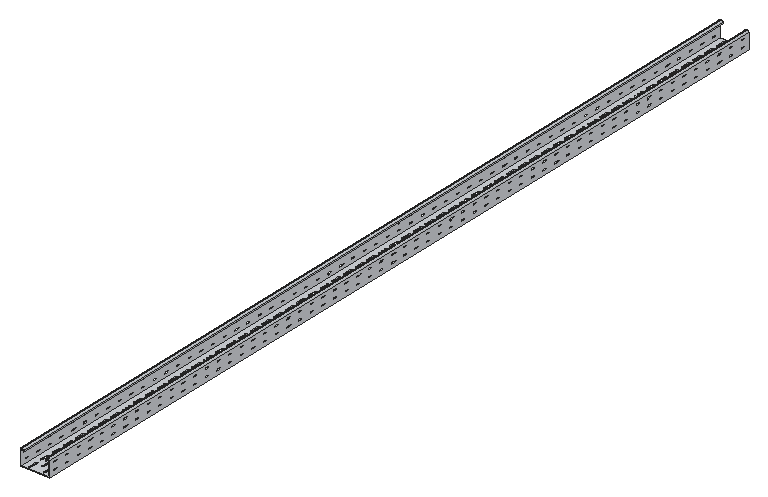
Revit family "Kabelrinne_610_FT_FS_A2_A4_FTSO", category Generic Models, Revit 2017 (continued)
Dimensions and locks
  locked: Extrusion 276 to Extrusion 276 at 1.5
  locked: Extrusion 277 sketch curve to Extrusion 277 sketch curve at 7
  locked: Extrusion 277 to Extrusion 277 at 1.5
  locked: Extrusion 278 sketch curve to Extrusion 278 sketch curve at 7
  locked: Extrusion 278 to Extrusion 278 at 1.5
  locked: Extrusion 279 sketch curve to Extrusion 279 sketch curve at 7
  locked: Extrusion 279 to Extrusion 279 at 1.5
  locked: Extrusion 280 sketch curve to Extrusion 280 sketch curve at 7
  locked: Extrusion 280 to Extrusion 280 at 1.5
  locked: Extrusion 281 sketch curve to Extrusion 281 sketch curve at 7
  locked: Extrusion 281 to Extrusion 281 at 1.5
  locked: Extrusion 282 sketch curve to Extrusion 282 sketch curve at 7
  locked: Extrusion 282 to Extrusion 282 at 1.5
  locked: Extrusion 283 sketch curve to Extrusion 283 sketch curve at 7
  locked: Extrusion 283 to Extrusion 283 at 1.5
  locked: Extrusion 284 sketch curve to Extrusion 284 sketch curve at 7
  locked: Extrusion 284 to Extrusion 284 at 1.5
  locked: Extrusion 285 sketch curve to Extrusion 285 sketch curve at 7
  locked: Extrusion 285 to Extrusion 285 at 1.5
  locked: Extrusion 286 sketch curve to Extrusion 286 sketch curve at 7
  locked: Extrusion 286 to Extrusion 286 at 1.5
  locked: Extrusion 287 sketch curve to Extrusion 287 sketch curve at 7
  locked: Extrusion 287 to Extrusion 287 at 1.5
  locked: Extrusion 288 sketch curve to Extrusion 288 sketch curve at 7
  locked: Extrusion 288 to Extrusion 288 at 1.5
  locked: Extrusion 289 sketch curve to Extrusion 289 sketch curve at 7
  locked: Extrusion 289 to Extrusion 289 at 1.5
  locked: Extrusion 290 sketch curve to Extrusion 290 sketch curve at 7
  locked: Extrusion 290 to Extrusion 290 at 1.5
  locked: Extrusion 291 sketch curve to Extrusion 291 sketch curve at 7
  locked: Extrusion 291 to Extrusion 291 at 1.5
  locked: Extrusion 292 sketch curve to Extrusion 292 sketch curve at 7
  locked: Extrusion 292 to Extrusion 292 at 1.5
  locked: Extrusion 293 sketch curve to Extrusion 293 sketch curve at 7
  locked: Extrusion 293 to Extrusion 293 at 1.5
  locked: Extrusion 294 sketch curve to Extrusion 294 sketch curve at 7
  locked: Extrusion 294 to Extrusion 294 at 1.5
  locked: Extrusion 295 sketch curve to Extrusion 295 sketch curve at 7
  locked: Extrusion 295 to Extrusion 295 at 1.5
  locked: Extrusion 296 sketch curve to Extrusion 296 sketch curve at 7
  locked: Extrusion 296 to Extrusion 296 at 1.5
  locked: Extrusion 297 sketch curve to Extrusion 297 sketch curve at 7
  locked: Extrusion 297 to Extrusion 297 at 1.5
  locked: Extrusion 298 sketch curve to Extrusion 298 sketch curve at 7
  locked: Extrusion 298 to Extrusion 298 at 1.5
  locked: Extrusion 299 sketch curve to Extrusion 299 sketch curve at 7
  locked: Extrusion 299 to Extrusion 299 at 1.5
  locked: Extrusion 300 sketch curve to Extrusion 300 sketch curve at 7
  locked: Extrusion 300 to Extrusion 300 at 1.5
  locked: Extrusion 301 sketch curve to Extrusion 301 sketch curve at 7
  locked: Extrusion 301 to Extrusion 301 at 1.5
  locked: Extrusion 302 sketch curve to Extrusion 302 sketch curve at 7
  locked: Extrusion 302 to Extrusion 302 at 1.5
  locked: Extrusion 303 sketch curve to Extrusion 303 sketch curve at 7
  locked: Extrusion 303 to Extrusion 303 at 1.5
  locked: Extrusion 304 sketch curve to Extrusion 304 sketch curve at 7
  locked: Extrusion 304 to Extrusion 304 at 1.5
  locked: Extrusion 305 sketch curve to Extrusion 305 sketch curve at 7
  locked: plane 494 to plane 495 at 1.485
  locked: Extrusion 306 sketch curve to Extrusion 306 sketch curve at 7
  group 424 to group 425 = 50 mm
  group 424 to group 425 = 0 mm  (x2)
  locked: cut or joined group 1 (Extrusion 1, Extrusion 4, Extrusion 5, Extrusion 6, Extrusion 7, Extrusion 9, Extrusion 10, Extrusion 12, Extrusion 13, Extrusion 14, Extrusion 15, Extrusion 16, Extrusion 17, Extrusion 18, Extrusion 19, Extrusion 20, Extrusion 21, Extrusion 22, Extrusion 23, Extrusion 24, Extrusion 25, Extrusion 26, Extrusion 27, Extrusion 28, Extrusion 29, Extrusion 30, Extrusion 31, Extrusion 32, Extrusion 33, Extrusion 34, Extrusion 35, Extrusion 36, Extrusion 37, Extrusion 38, Extrusion 39, Extrusion 40, Extrusion 41, Extrusion 42, Extrusion 43, Extrusion 44, Extrusion 45, Extrusion 46, Extrusion 47, Extrusion 48, Extrusion 49, Extrusion 50, Extrusion 51, Extrusion 52, Extrusion 53, Extrusion 54, Extrusion 55, Extrusion 56, Extrusion 57, Extrusion 58, Extrusion 59, Extrusion 60, Extrusion 61, Extrusion 62, Extrusion 63, Extrusion 64, Extrusion 65, Extrusion 66, Extrusion 67, Extrusion 68, Extrusion 69, Extrusion 70, Extrusion 71, Extrusion 72, Extrusion 73, Extrusion 74, Extrusion 75, Extrusion 76, Extrusion 77, Extrusion 78, Extrusion 79, Extrusion 80, Extrusion 81, Extrusion 82, Extrusion 83, Extrusion 84, Extrusion 85, Extrusion 86, Extrusion 87, Extrusion 88, Extrusion 89, Extrusion 90, Extrusion 91, Extrusion 92, Extrusion 93, Extrusion 94, Extrusion 95, Extrusion 96, Extrusion 97, Extrusion 98, Extrusion 99, Extrusion 100, Extrusion 101, Extrusion 102, Extrusion 103, Extrusion 104, Extrusion 105, Extrusion 106, Extrusion 107, Extrusion 108, Extrusion 109, Extrusion 110, Extrusion 111, Extrusion 112, Extrusion 113, Extrusion 114, Extrusion 115, Extrusion 116, Extrusion 117, Extrusion 118, Extrusion 119, Extrusion 120, Extrusion 121, Extrusion 122, Extrusion 123, Extrusion 124, Extrusion 125, Extrusion 126, Extrusion 127, Extrusion 128, Extrusion 129, Extrusion 130, Extrusion 131, Extrusion 132, Extrusion 133, Extrusion 134, Extrusion 135, Extrusion 136, Extrusion 137, Extrusion 138, Extrusion 139, Extrusion 140, Extrusion 141, Extrusion 142, Extrusion 143, Extrusion 144, Extrusion 145, Extrusion 146, Extrusion 147, Extrusion 148, Extrusion 149, Extrusion 150, Extrusion 151, Extrusion 152, Extrusion 153, Extrusion 154, Extrusion 155, Extrusion 156, Extrusion 157, Extrusion 158, Extrusion 159, Extrusion 160, Extrusion 161, Extrusion 162, Extrusion 163, Extrusion 164, Extrusion 165, Extrusion 166, Extrusion 167, Extrusion 168, Extrusion 169, Extrusion 170, Extrusion 171, Extrusion 172, Extrusion 173, Extrusion 174, Extrusion 175, Extrusion 176, Extrusion 177, Extrusion 178, Extrusion 179, Extrusion 180, Extrusion 181, Extrusion 182, Extrusion 183, Extrusion 184, Extrusion 185, Extrusion 186, Extrusion 187, Extrusion 188, Extrusion 189, Extrusion 190, Extrusion 191, Extrusion 192, Extrusion 193, Extrusion 194, Extrusion 195, Extrusion 196, Extrusion 197, Extrusion 198, Extrusion 199, Extrusion 200, Extrusion 201, Extrusion 202, Extrusion 203, Extrusion 204, Extrusion 205, Extrusion 206, Extrusion 207, Extrusion 208, Extrusion 209, Extrusion 210, Extrusion 211, Extrusion 212, Extrusion 213, Extrusion 214, Extrusion 215, Extrusion 216, Extrusion 217, Extrusion 218, Extrusion 219, Extrusion 220, Extrusion 221, Extrusion 222, Extrusion 223, Extrusion 224, Extrusion 225, Extrusion 226, Extrusion 227, Extrusion 228, Extrusion 229, Extrusion 230, Extrusion 231, Extrusion 232, Extrusion 233, Extrusion 234, Extrusion 235, Extrusion 236, Extrusion 237, Extrusion 238, Extrusion 239, Extrusion 240, Extrusion 241, Extrusion 242, Extrusion 243, Extrusion 244, Extrusion 245, Extrusion 246, Extrusion 247, Extrusion 248, Extrusion 249, Extrusion 250, Extrusion 251, Extrusion 252, Extrusion 253, Extrusion 254, Extrusion 255, Extrusion 256, Extrusion 257, Extrusion 258, Extrusion 259, Extrusion 260, Extrusion 261, Extrusion 262, Extrusion 263, Extrusion 264, Extrusion 265, Extrusion 266, Extrusion 267, Extrusion 268, Extrusion 269, Extrusion 270, Extrusion 271, Extrusion 272, Extrusion 273, Extrusion 274, Extrusion 275, Extrusion 276, Extrusion 277, Extrusion 278, Extrusion 279, Extrusion 280, Extrusion 281, Extrusion 282, Extrusion 283, Extrusion 284, Extrusion 285, Extrusion 286, Extrusion 287, Extrusion 288, Extrusion 289, Extrusion 290, Extrusion 291, Extrusion 292, Extrusion 293, Extrusion 294, Extrusion 295, Extrusion 296, Extrusion 297, Extrusion 298, Extrusion 299, Extrusion 300, Extrusion 301, Extrusion 302, Extrusion 303, Extrusion 304, Extrusion 305, Extrusion 306, Extrusion 308, Extrusion 309, Extrusion 310, Extrusion 311, Extrusion 312, Extrusion 313, Extrusion 314, Extrusion 315, Extrusion 316, Extrusion 317, Extrusion 318, Extrusion 319, Extrusion 320, Extrusion 321, Extrusion 322, Extrusion 323, Extrusion 324, Extrusion 325, Extrusion 326, Extrusion 327, Extrusion 328, Extrusion 329, Extrusion 330, Extrusion 331, Extrusion 332, Extrusion 333, Extrusion 334, Extrusion 335, Extrusion 336, Extrusion 337, Extrusion 338, Extrusion 339, Extrusion 340, Extrusion 341, Extrusion 342, Extrusion 343, Extrusion 344, Extrusion 345, Extrusion 346, Extrusion 347, Extrusion 348, Extrusion 349, Extrusion 350, Extrusion 351, Extrusion 352, Extrusion 353, Extrusion 354, Extrusion 355, Extrusion 356, Extrusion 357, Extrusion 358, Extrusion 359, Extrusion 360, Extrusion 361, Extrusion 362, Extrusion 363, Extrusion 364, Extrusion 365, Extrusion 366, Extrusion 367, Extrusion 368, Extrusion 369, Extrusion 370, Extrusion 371, Extrusion 372, Extrusion 373, Extrusion 374, Extrusion 375, Extrusion 376, Extrusion 377, Extrusion 378, Extrusion 379, Extrusion 380, Extrusion 381, Extrusion 382, Extrusion 383, Extrusion 384, Extrusion 385, Extrusion 386, Extrusion 387, Extrusion 388, Extrusion 389, Extrusion 390, Extrusion 391, Extrusion 392, Extrusion 393, Extrusion 394, Extrusion 395, Extrusion 396, Extrusion 397, Extrusion 398, Extrusion 399, Extrusion 400, Extrusion 401, Extrusion 402, Extrusion 403, Extrusion 404, Extrusion 405, Extrusion 406, Extrusion 407, Extrusion 408, Extrusion 409, Extrusion 410, Extrusion 411, Extrusion 412, Extrusion 413, Extrusion 414, Extrusion 415, Extrusion 416, Extrusion 417, Extrusion 418, Extrusion 419, Extrusion 420, Extrusion 421, Extrusion 422, Extrusion 423, Extrusion 424, Extrusion 425) to cut or joined group 2 (Extrusion 1, Extrusion 4, Extrusion 5, Extrusion 6, Extrusion 7, Extrusion 9, Extrusion 10, Extrusion 12, Extrusion 13, Extrusion 14, Extrusion 15, Extrusion 16, Extrusion 17, Extrusion 18, Extrusion 19, Extrusion 20, Extrusion 21, Extrusion 22, Extrusion 23, Extrusion 24, Extrusion 25, Extrusion 26, Extrusion 27, Extrusion 28, Extrusion 29, Extrusion 30, Extrusion 31, Extrusion 32, Extrusion 33, Extrusion 34, Extrusion 35, Extrusion 36, Extrusion 37, Extrusion 38, Extrusion 39, Extrusion 40, Extrusion 41, Extrusion 42, Extrusion 43, Extrusion 44, Extrusion 45, Extrusion 46, Extrusion 47, Extrusion 48, Extrusion 49, Extrusion 50, Extrusion 51, Extrusion 52, Extrusion 53, Extrusion 54, Extrusion 55, Extrusion 56, Extrusion 57, Extrusion 58, Extrusion 59, Extrusion 60, Extrusion 61, Extrusion 62, Extrusion 63, Extrusion 64, Extrusion 65, Extrusion 66, Extrusion 67, Extrusion 68, Extrusion 69, Extrusion 70, Extrusion 71, Extrusion 72, Extrusion 73, Extrusion 74, Extrusion 75, Extrusion 76, Extrusion 77, Extrusion 78, Extrusion 79, Extrusion 80, Extrusion 81, Extrusion 82, Extrusion 83, Extrusion 84, Extrusion 85, Extrusion 86, Extrusion 87, Extrusion 88, Extrusion 89, Extrusion 90, Extrusion 91, Extrusion 92, Extrusion 93, Extrusion 94, Extrusion 95, Extrusion 96, Extrusion 97, Extrusion 98, Extrusion 99, Extrusion 100, Extrusion 101, Extrusion 102, Extrusion 103, Extrusion 104, Extrusion 105, Extrusion 106, Extrusion 107, Extrusion 108, Extrusion 109, Extrusion 110, Extrusion 111, Extrusion 112, Extrusion 113, Extrusion 114, Extrusion 115, Extrusion 116, Extrusion 117, Extrusion 118, Extrusion 119, Extrusion 120, Extrusion 121, Extrusion 122, Extrusion 123, Extrusion 124, Extrusion 125, Extrusion 126, Extrusion 127),
     Extrusion 128, Extrusion 129, Extrusion 130, Extrusion 131, Extrusion 132, Extrusion 133, Extrusion 134, Extrusion 135, Extrusion 136, Extrusion 137, Extrusion 138, Extrusion 139, Extrusion 140, Extrusion 141, Extrusion 142, Extrusion 143, Extrusion 144, Extrusion 145, Extrusion 146, Extrusion 147, Extrusion 148, Extrusion 149, Extrusion 150, Extrusion 151, Extrusion 152, Extrusion 153, Extrusion 154, Extrusion 155, Extrusion 156, Extrusion 157, Extrusion 158, Extrusion 159, Extrusion 160, Extrusion 161, Extrusion 162, Extrusion 163, Extrusion 164, Extrusion 165, Extrusion 166, Extrusion 167, Extrusion 168, Extrusion 169, Extrusion 170, Extrusion 171, Extrusion 172, Extrusion 173, Extrusion 174, Extrusion 175, Extrusion 176, Extrusion 177, Extrusion 178, Extrusion 179, Extrusion 180, Extrusion 181, Extrusion 182, Extrusion 183, Extrusion 184, Extrusion 185, Extrusion 186, Extrusion 187, Extrusion 188, Extrusion 189, Extrusion 190, Extrusion 191, Extrusion 192, Extrusion 193, Extrusion 194, Extrusion 195, Extrusion 196, Extrusion 197, Extrusion 198, Extrusion 199, Extrusion 200, Extrusion 201, Extrusion 202, Extrusion 203, Extrusion 204, Extrusion 205, Extrusion 206, Extrusion 207, Extrusion 208, Extrusion 209, Extrusion 210, Extrusion 211, Extrusion 212, Extrusion 213, Extrusion 214, Extrusion 215, Extrusion 216, Extrusion 217, Extrusion 218, Extrusion 219, Extrusion 220, Extrusion 221, Extrusion 222, Extrusion 223, Extrusion 224, Extrusion 225, Extrusion 226, Extrusion 227, Extrusion 228, Extrusion 229, Extrusion 230, Extrusion 231, Extrusion 232, Extrusion 233, Extrusion 234, Extrusion 235, Extrusion 236, Extrusion 237, Extrusion 238, Extrusion 239, Extrusion 240, Extrusion 241, Extrusion 242, Extrusion 243, Extrusion 244, Extrusion 245, Extrusion 246, Extrusion 247, Extrusion 248, Extrusion 249, Extrusion 250, Extrusion 251, Extrusion 252, Extrusion 253, Extrusion 254, Extrusion 255, Extrusion 256, Extrusion 257, Extrusion 258, Extrusion 259, Extrusion 260, Extrusion 261, Extrusion 262, Extrusion 263, Extrusion 264, Extrusion 265, Extrusion 266, Extrusion 267, Extrusion 268, Extrusion 269, Extrusion 270, Extrusion 271, Extrusion 272, Extrusion 273, Extrusion 274, Extrusion 275, Extrusion 276, Extrusion 277, Extrusion 278, Extrusion 279, Extrusion 280, Extrusion 281, Extrusion 282, Extrusion 283, Extrusion 284, Extrusion 285, Extrusion 286, Extrusion 287, Extrusion 288, Extrusion 289, Extrusion 290, Extrusion 291, Extrusion 292, Extrusion 293, Extrusion 294, Extrusion 295, Extrusion 296, Extrusion 297, Extrusion 298, Extrusion 299, Extrusion 300, Extrusion 301, Extrusion 302, Extrusion 303, Extrusion 304, Extrusion 305, Extrusion 306, Extrusion 308, Extrusion 309, Extrusion 310, Extrusion 311, Extrusion 312, Extrusion 313, Extrusion 314, Extrusion 315, Extrusion 316, Extrusion 317, Extrusion 318, Extrusion 319, Extrusion 320, Extrusion 321, Extrusion 322, Extrusion 323, Extrusion 324, Extrusion 325, Extrusion 326, Extrusion 327, Extrusion 328, Extrusion 329, Extrusion 330, Extrusion 331, Extrusion 332, Extrusion 333, Extrusion 334, Extrusion 335, Extrusion 336, Extrusion 337, Extrusion 338, Extrusion 339, Extrusion 340, Extrusion 341, Extrusion 342, Extrusion 343, Extrusion 344, Extrusion 345, Extrusion 346, Extrusion 347, Extrusion 348, Extrusion 349, Extrusion 350, Extrusion 351, Extrusion 352, Extrusion 353, Extrusion 354, Extrusion 355, Extrusion 356, Extrusion 357, Extrusion 358, Extrusion 359, Extrusion 360, Extrusion 361, Extrusion 362, Extrusion 363, Extrusion 364, Extrusion 365, Extrusion 366, Extrusion 367, Extrusion 368, Extrusion 369, Extrusion 370, Extrusion 371, Extrusion 372, Extrusion 373, Extrusion 374, Extrusion 375, Extrusion 376, Extrusion 377, Extrusion 378, Extrusion 379, Extrusion 380, Extrusion 381, Extrusion 382, Extrusion 383, Extrusion 384, Extrusion 385, Extrusion 386, Extrusion 387, Extrusion 388, Extrusion 389, Extrusion 390, Extrusion 391, Extrusion 392, Extrusion 393, Extrusion 394, Extrusion 395, Extrusion 396, Extrusion 397, Extrusion 398, Extrusion 399, Extrusion 400, Extrusion 401, Extrusion 402, Extrusion 403, Extrusion 404, Extrusion 405, Extrusion 406, Extrusion 407, Extrusion 408, Extrusion 409, Extrusion 410, Extrusion 411, Extrusion 412, Extrusion 413, Extrusion 414, Extrusion 415, Extrusion 416, Extrusion 417, Extrusion 418, Extrusion 419, Extrusion 420, Extrusion 421, Extrusion 422, Extrusion 423, Extrusion 424, Extrusion 425 at 9
  locked: cut or joined group 1 to cut or joined group 2,
     Extrusion 128, Extrusion 129, Extrusion 130, Extrusion 131, Extrusion 132, Extrusion 133, Extrusion 134, Extrusion 135, Extrusion 136, Extrusion 137, Extrusion 138, Extrusion 139, Extrusion 140, Extrusion 141, Extrusion 142, Extrusion 143, Extrusion 144, Extrusion 145, Extrusion 146, Extrusion 147, Extrusion 148, Extrusion 149, Extrusion 150, Extrusion 151, Extrusion 152, Extrusion 153, Extrusion 154, Extrusion 155, Extrusion 156, Extrusion 157, Extrusion 158, Extrusion 159, Extrusion 160, Extrusion 161, Extrusion 162, Extrusion 163, Extrusion 164, Extrusion 165, Extrusion 166, Extrusion 167, Extrusion 168, Extrusion 169, Extrusion 170, Extrusion 171, Extrusion 172, Extrusion 173, Extrusion 174, Extrusion 175, Extrusion 176, Extrusion 177, Extrusion 178, Extrusion 179, Extrusion 180, Extrusion 181, Extrusion 182, Extrusion 183, Extrusion 184, Extrusion 185, Extrusion 186, Extrusion 187, Extrusion 188, Extrusion 189, Extrusion 190, Extrusion 191, Extrusion 192, Extrusion 193, Extrusion 194, Extrusion 195, Extrusion 196, Extrusion 197, Extrusion 198, Extrusion 199, Extrusion 200, Extrusion 201, Extrusion 202, Extrusion 203, Extrusion 204, Extrusion 205, Extrusion 206, Extrusion 207, Extrusion 208, Extrusion 209, Extrusion 210, Extrusion 211, Extrusion 212, Extrusion 213, Extrusion 214, Extrusion 215, Extrusion 216, Extrusion 217, Extrusion 218, Extrusion 219, Extrusion 220, Extrusion 221, Extrusion 222, Extrusion 223, Extrusion 224, Extrusion 225, Extrusion 226, Extrusion 227, Extrusion 228, Extrusion 229, Extrusion 230, Extrusion 231, Extrusion 232, Extrusion 233, Extrusion 234, Extrusion 235, Extrusion 236, Extrusion 237, Extrusion 238, Extrusion 239, Extrusion 240, Extrusion 241, Extrusion 242, Extrusion 243, Extrusion 244, Extrusion 245, Extrusion 246, Extrusion 247, Extrusion 248, Extrusion 249, Extrusion 250, Extrusion 251, Extrusion 252, Extrusion 253, Extrusion 254, Extrusion 255, Extrusion 256, Extrusion 257, Extrusion 258, Extrusion 259, Extrusion 260, Extrusion 261, Extrusion 262, Extrusion 263, Extrusion 264, Extrusion 265, Extrusion 266, Extrusion 267, Extrusion 268, Extrusion 269, Extrusion 270, Extrusion 271, Extrusion 272, Extrusion 273, Extrusion 274, Extrusion 275, Extrusion 276, Extrusion 277, Extrusion 278, Extrusion 279, Extrusion 280, Extrusion 281, Extrusion 282, Extrusion 283, Extrusion 284, Extrusion 285, Extrusion 286, Extrusion 287, Extrusion 288, Extrusion 289, Extrusion 290, Extrusion 291, Extrusion 292, Extrusion 293, Extrusion 294, Extrusion 295, Extrusion 296, Extrusion 297, Extrusion 298, Extrusion 299, Extrusion 300, Extrusion 301, Extrusion 302, Extrusion 303, Extrusion 304, Extrusion 305, Extrusion 306, Extrusion 308, Extrusion 309, Extrusion 310, Extrusion 311, Extrusion 312, Extrusion 313, Extrusion 314, Extrusion 315, Extrusion 316, Extrusion 317, Extrusion 318, Extrusion 319, Extrusion 320, Extrusion 321, Extrusion 322, Extrusion 323, Extrusion 324, Extrusion 325, Extrusion 326, Extrusion 327, Extrusion 328, Extrusion 329, Extrusion 330, Extrusion 331, Extrusion 332, Extrusion 333, Extrusion 334, Extrusion 335, Extrusion 336, Extrusion 337, Extrusion 338, Extrusion 339, Extrusion 340, Extrusion 341, Extrusion 342, Extrusion 343, Extrusion 344, Extrusion 345, Extrusion 346, Extrusion 347, Extrusion 348, Extrusion 349, Extrusion 350, Extrusion 351, Extrusion 352, Extrusion 353, Extrusion 354, Extrusion 355, Extrusion 356, Extrusion 357, Extrusion 358, Extrusion 359, Extrusion 360, Extrusion 361, Extrusion 362, Extrusion 363, Extrusion 364, Extrusion 365, Extrusion 366, Extrusion 367, Extrusion 368, Extrusion 369, Extrusion 370, Extrusion 371, Extrusion 372, Extrusion 373, Extrusion 374, Extrusion 375, Extrusion 376, Extrusion 377, Extrusion 378, Extrusion 379, Extrusion 380, Extrusion 381, Extrusion 382, Extrusion 383, Extrusion 384, Extrusion 385, Extrusion 386, Extrusion 387, Extrusion 388, Extrusion 389, Extrusion 390, Extrusion 391, Extrusion 392, Extrusion 393, Extrusion 394, Extrusion 395, Extrusion 396, Extrusion 397, Extrusion 398, Extrusion 399, Extrusion 400, Extrusion 401, Extrusion 402, Extrusion 403, Extrusion 404, Extrusion 405, Extrusion 406, Extrusion 407, Extrusion 408, Extrusion 409, Extrusion 410, Extrusion 411, Extrusion 412, Extrusion 413, Extrusion 414, Extrusion 415, Extrusion 416, Extrusion 417, Extrusion 418, Extrusion 419, Extrusion 420, Extrusion 421, Extrusion 422, Extrusion 423, Extrusion 424, Extrusion 425 at 41
  locked: plane 3 "Center (Left/Right)" to cut or joined group 1 at 21.5
  locked: Extrusion 307 sketch curve to Extrusion 307 sketch curve at 7
  locked: Extrusion 308 sketch curve to Extrusion 308 sketch curve at 7
  locked: Extrusion 309 sketch curve to Extrusion 309 sketch curve at 7
  group 428 to group 429 = 50 mm
  group 428 to group 429 = 0 mm  (x2)
  equal spacing: group 426, group 430, group 433, group 436, group 439, group 442, group 445, group 448, group 451, group 454, group 457, group 460, group 463, group 466, group 469, group 472, group 475, group 478, group 481, group 484, group 487, group 490, group 493, group 496, group 499, group 502, group 505, group 508, group 511, group 514, group 517, group 520, group 523, group 526, group 529, group 532, group 535, group 538, group 541, group 544, group 547, group 550, group 553, group 556, group 559, group 562, group 565, group 568, group 571, group 574, group 577, group 580, group 583, group 586, group 589, group 592, group 595, group 598, group 601, group 604  (x2)
  equal spacing: group 604, group 601, group 598, group 595, group 592, group 589, group 586, group 583, group 580, group 577, group 574, group 571, group 568, group 565, group 562, group 559, group 556, group 553, group 550, group 547, group 544, group 541, group 538, group 535, group 532, group 529, group 526, group 523, group 520, group 517, group 514, group 511, group 508, group 505, group 502, group 499, group 496, group 493, group 490, group 487, group 484, group 481, group 478, group 475, group 472, group 469, group 466, group 463, group 460, group 457, group 454, group 451, group 448, group 445, group 442, group 439, group 436, group 433, group 430, group 426
  locked: Extrusion 310 sketch curve to Extrusion 310 sketch curve at 7
  locked: Extrusion 311 sketch curve to Extrusion 311 sketch curve at 7
  group 431 to group 432 = 50 mm
  group 431 to group 432 = 0 mm  (x2)
  locked: Extrusion 312 sketch curve to Extrusion 312 sketch curve at 7
  locked: Extrusion 313 sketch curve to Extrusion 313 sketch curve at 7
  group 434 to group 435 = 50 mm
  group 434 to group 435 = 0 mm  (x2)
  locked: Extrusion 314 sketch curve to Extrusion 314 sketch curve at 7
  locked: Extrusion 315 sketch curve to Extrusion 315 sketch curve at 7
  group 437 to group 438 = 50 mm
  group 437 to group 438 = 0 mm  (x2)
  locked: Extrusion 316 sketch curve to Extrusion 316 sketch curve at 7
  locked: Extrusion 317 sketch curve to Extrusion 317 sketch curve at 7
  group 440 to group 441 = 50 mm
  group 440 to group 441 = 0 mm  (x2)
  locked: Extrusion 318 sketch curve to Extrusion 318 sketch curve at 7
  locked: Extrusion 319 sketch curve to Extrusion 319 sketch curve at 7
  group 443 to group 444 = 50 mm
  group 443 to group 444 = 0 mm  (x2)
  locked: Extrusion 320 sketch curve to Extrusion 320 sketch curve at 7
  locked: Extrusion 321 sketch curve to Extrusion 321 sketch curve at 7
  group 446 to group 447 = 50 mm
  group 446 to group 447 = 0 mm  (x2)
  locked: Extrusion 322 sketch curve to Extrusion 322 sketch curve at 7
  locked: Extrusion 323 sketch curve to Extrusion 323 sketch curve at 7
  group 449 to group 450 = 50 mm
  group 449 to group 450 = 0 mm  (x2)
  locked: Extrusion 324 sketch curve to Extrusion 324 sketch curve at 7
  locked: Extrusion 325 sketch curve to Extrusion 325 sketch curve at 7
  group 452 to group 453 = 50 mm
  group 452 to group 453 = 0 mm  (x2)
  locked: Extrusion 326 sketch curve to Extrusion 326 sketch curve at 7
  locked: Extrusion 327 sketch curve to Extrusion 327 sketch curve at 7
  group 455 to group 456 = 50 mm
  group 455 to group 456 = 0 mm  (x2)
  locked: Extrusion 328 sketch curve to Extrusion 328 sketch curve at 7
  locked: Extrusion 329 sketch curve to Extrusion 329 sketch curve at 7
  group 458 to group 459 = 50 mm
  group 458 to group 459 = 0 mm  (x2)
  locked: Extrusion 330 sketch curve to Extrusion 330 sketch curve at 7
  locked: Extrusion 331 sketch curve to Extrusion 331 sketch curve at 7
  group 461 to group 462 = 50 mm
  group 461 to group 462 = 0 mm  (x2)
  locked: Extrusion 332 sketch curve to Extrusion 332 sketch curve at 7
  locked: Extrusion 333 sketch curve to Extrusion 333 sketch curve at 7
  group 464 to group 465 = 50 mm
  group 464 to group 465 = 0 mm  (x2)
  locked: Extrusion 334 sketch curve to Extrusion 334 sketch curve at 7
  locked: Extrusion 335 sketch curve to Extrusion 335 sketch curve at 7
  group 467 to group 468 = 50 mm
  group 467 to group 468 = 0 mm  (x2)
  locked: Extrusion 336 sketch curve to Extrusion 336 sketch curve at 7
  locked: Extrusion 337 sketch curve to Extrusion 337 sketch curve at 7
  group 470 to group 471 = 50 mm
  group 470 to group 471 = 0 mm  (x2)
  locked: Extrusion 338 sketch curve to Extrusion 338 sketch curve at 7
  locked: Extrusion 339 sketch curve to Extrusion 339 sketch curve at 7
  group 473 to group 474 = 50 mm
  group 473 to group 474 = 0 mm  (x2)
  locked: Extrusion 340 sketch curve to Extrusion 340 sketch curve at 7
  locked: Extrusion 341 sketch curve to Extrusion 341 sketch curve at 7
  group 476 to group 477 = 50 mm
  group 476 to group 477 = 0 mm  (x2)
  locked: Extrusion 342 sketch curve to Extrusion 342 sketch curve at 7
  locked: Extrusion 343 sketch curve to Extrusion 343 sketch curve at 7
  group 479 to group 480 = 50 mm
  group 479 to group 480 = 0 mm  (x2)
  locked: Extrusion 344 sketch curve to Extrusion 344 sketch curve at 7
  locked: Extrusion 345 sketch curve to Extrusion 345 sketch curve at 7
  group 482 to group 483 = 50 mm
  group 482 to group 483 = 0 mm  (x2)
  locked: Extrusion 346 sketch curve to Extrusion 346 sketch curve at 7
  locked: Extrusion 347 sketch curve to Extrusion 347 sketch curve at 7
  group 485 to group 486 = 50 mm
  group 485 to group 486 = 0 mm  (x2)
  locked: Extrusion 348 sketch curve to Extrusion 348 sketch curve at 7
  locked: Extrusion 349 sketch curve to Extrusion 349 sketch curve at 7
  group 488 to group 489 = 50 mm
  group 488 to group 489 = 0 mm  (x2)
  locked: Extrusion 350 sketch curve to Extrusion 350 sketch curve at 7
  locked: Extrusion 351 sketch curve to Extrusion 351 sketch curve at 7
  group 491 to group 492 = 50 mm
  group 491 to group 492 = 0 mm  (x2)
  locked: Extrusion 352 sketch curve to Extrusion 352 sketch curve at 7
  locked: Extrusion 353 sketch curve to Extrusion 353 sketch curve at 7
  group 494 to group 495 = 50 mm
  group 494 to group 495 = 0 mm  (x2)
  locked: Extrusion 354 sketch curve to Extrusion 354 sketch curve at 7
  locked: Extrusion 355 sketch curve to Extrusion 355 sketch curve at 7
  group 497 to group 498 = 50 mm
  group 497 to group 498 = 0 mm  (x2)
  locked: Extrusion 356 sketch curve to Extrusion 356 sketch curve at 7
  locked: Extrusion 357 sketch curve to Extrusion 357 sketch curve at 7
  group 500 to group 501 = 50 mm
  group 500 to group 501 = 0 mm  (x2)
  locked: Extrusion 358 sketch curve to Extrusion 358 sketch curve at 7
  locked: Extrusion 359 sketch curve to Extrusion 359 sketch curve at 7
  group 503 to group 504 = 50 mm
  group 503 to group 504 = 0 mm  (x2)
  locked: Extrusion 360 sketch curve to Extrusion 360 sketch curve at 7
  locked: Extrusion 361 sketch curve to Extrusion 361 sketch curve at 7
  group 506 to group 507 = 50 mm
  group 506 to group 507 = 0 mm  (x2)
  locked: Extrusion 362 sketch curve to Extrusion 362 sketch curve at 7
  locked: Extrusion 363 sketch curve to Extrusion 363 sketch curve at 7
  group 509 to group 510 = 50 mm
  group 509 to group 510 = 0 mm  (x2)
  locked: Extrusion 364 sketch curve to Extrusion 364 sketch curve at 7
  locked: Extrusion 365 sketch curve to Extrusion 365 sketch curve at 7
  group 512 to group 513 = 50 mm
  group 512 to group 513 = 0 mm  (x2)
  locked: Extrusion 366 sketch curve to Extrusion 366 sketch curve at 7
  locked: Extrusion 367 sketch curve to Extrusion 367 sketch curve at 7
  group 515 to group 516 = 50 mm
  group 515 to group 516 = 0 mm  (x2)
  locked: Extrusion 368 sketch curve to Extrusion 368 sketch curve at 7
  locked: Extrusion 369 sketch curve to Extrusion 369 sketch curve at 7
  group 518 to group 519 = 50 mm
  group 518 to group 519 = 0 mm  (x2)
  locked: Extrusion 370 sketch curve to Extrusion 370 sketch curve at 7
  locked: Extrusion 371 sketch curve to Extrusion 371 sketch curve at 7
  group 521 to group 522 = 50 mm
  group 521 to group 522 = 0 mm  (x2)
  locked: Extrusion 372 sketch curve to Extrusion 372 sketch curve at 7
  locked: Extrusion 373 sketch curve to Extrusion 373 sketch curve at 7
  group 524 to group 525 = 50 mm
  group 524 to group 525 = 0 mm  (x2)
  locked: Extrusion 374 sketch curve to Extrusion 374 sketch curve at 7
  locked: Extrusion 375 sketch curve to Extrusion 375 sketch curve at 7
  group 527 to group 528 = 50 mm
  group 527 to group 528 = 0 mm  (x2)
  locked: Extrusion 376 sketch curve to Extrusion 376 sketch curve at 7
  locked: Extrusion 377 sketch curve to Extrusion 377 sketch curve at 7
  group 530 to group 531 = 50 mm
  group 530 to group 531 = 0 mm  (x2)
  locked: Extrusion 378 sketch curve to Extrusion 378 sketch curve at 7
  locked: Extrusion 379 sketch curve to Extrusion 379 sketch curve at 7
  group 533 to group 534 = 50 mm
  group 533 to group 534 = 0 mm  (x2)
  locked: Extrusion 380 sketch curve to Extrusion 380 sketch curve at 7
  locked: Extrusion 381 sketch curve to Extrusion 381 sketch curve at 7
  group 536 to group 537 = 50 mm
  group 536 to group 537 = 0 mm  (x2)
  locked: Extrusion 382 sketch curve to Extrusion 382 sketch curve at 7
  locked: Extrusion 383 sketch curve to Extrusion 383 sketch curve at 7
  group 539 to group 540 = 50 mm
  group 539 to group 540 = 0 mm  (x2)
  locked: Extrusion 384 sketch curve to Extrusion 384 sketch curve at 7
  locked: Extrusion 385 sketch curve to Extrusion 385 sketch curve at 7
  group 542 to group 543 = 50 mm
  group 542 to group 543 = 0 mm  (x2)
  locked: Extrusion 386 sketch curve to Extrusion 386 sketch curve at 7
  locked: Extrusion 387 sketch curve to Extrusion 387 sketch curve at 7
  group 545 to group 546 = 50 mm
  group 545 to group 546 = 0 mm  (x2)
  locked: Extrusion 388 sketch curve to Extrusion 388 sketch curve at 7
  locked: Extrusion 389 sketch curve to Extrusion 389 sketch curve at 7
  group 548 to group 549 = 50 mm
  group 548 to group 549 = 0 mm  (x2)
  locked: Extrusion 390 sketch curve to Extrusion 390 sketch curve at 7
  locked: Extrusion 391 sketch curve to Extrusion 391 sketch curve at 7
  group 551 to group 552 = 50 mm
  group 551 to group 552 = 0 mm  (x2)
  locked: Extrusion 392 sketch curve to Extrusion 392 sketch curve at 7
  locked: Extrusion 393 sketch curve to Extrusion 393 sketch curve at 7
  group 554 to group 555 = 50 mm
  group 554 to group 555 = 0 mm  (x2)
  locked: Extrusion 394 sketch curve to Extrusion 394 sketch curve at 7
  locked: Extrusion 395 sketch curve to Extrusion 395 sketch curve at 7
  group 557 to group 558 = 50 mm
  group 557 to group 558 = 0 mm  (x2)
  locked: Extrusion 396 sketch curve to Extrusion 396 sketch curve at 7
  locked: Extrusion 397 sketch curve to Extrusion 397 sketch curve at 7
  group 560 to group 561 = 50 mm
  group 560 to group 561 = 0 mm  (x2)
  locked: Extrusion 398 sketch curve to Extrusion 398 sketch curve at 7
  locked: Extrusion 399 sketch curve to Extrusion 399 sketch curve at 7
  group 563 to group 564 = 50 mm
  group 563 to group 564 = 0 mm  (x2)
  locked: Extrusion 400 sketch curve to Extrusion 400 sketch curve at 7
  locked: Extrusion 401 sketch curve to Extrusion 401 sketch curve at 7
  group 566 to group 567 = 50 mm
  group 566 to group 567 = 0 mm  (x2)
  locked: Extrusion 402 sketch curve to Extrusion 402 sketch curve at 7
  locked: Extrusion 403 sketch curve to Extrusion 403 sketch curve at 7
  group 569 to group 570 = 50 mm
  group 569 to group 570 = 0 mm  (x2)
  locked: Extrusion 404 sketch curve to Extrusion 404 sketch curve at 7
  locked: Extrusion 405 sketch curve to Extrusion 405 sketch curve at 7
  group 572 to group 573 = 50 mm
  group 572 to group 573 = 0 mm  (x2)
  locked: Extrusion 406 sketch curve to Extrusion 406 sketch curve at 7
  locked: Extrusion 407 sketch curve to Extrusion 407 sketch curve at 7
  group 575 to group 576 = 50 mm
  group 575 to group 576 = 0 mm  (x2)
  locked: Extrusion 408 sketch curve to Extrusion 408 sketch curve at 7
  locked: Extrusion 409 sketch curve to Extrusion 409 sketch curve at 7
  group 578 to group 579 = 50 mm
  group 578 to group 579 = 0 mm  (x2)
  locked: Extrusion 410 sketch curve to Extrusion 410 sketch curve at 7
  locked: Extrusion 411 sketch curve to Extrusion 411 sketch curve at 7
  group 581 to group 582 = 50 mm
  group 581 to group 582 = 0 mm  (x2)
  locked: Extrusion 412 sketch curve to Extrusion 412 sketch curve at 7
  locked: Extrusion 413 sketch curve to Extrusion 413 sketch curve at 7
  group 584 to group 585 = 50 mm
  group 584 to group 585 = 0 mm  (x2)
  locked: Extrusion 414 sketch curve to Extrusion 414 sketch curve at 7
  locked: Extrusion 415 sketch curve to Extrusion 415 sketch curve at 7
  group 587 to group 588 = 50 mm
  group 587 to group 588 = 0 mm  (x2)
  locked: Extrusion 416 sketch curve to Extrusion 416 sketch curve at 7
  locked: Extrusion 417 sketch curve to Extrusion 417 sketch curve at 7
  group 590 to group 591 = 50 mm
  group 590 to group 591 = 0 mm  (x2)
  locked: Extrusion 418 sketch curve to Extrusion 418 sketch curve at 7
  locked: Extrusion 419 sketch curve to Extrusion 419 sketch curve at 7
  group 593 to group 594 = 50 mm
  group 593 to group 594 = 0 mm  (x2)
  locked: Extrusion 420 sketch curve to Extrusion 420 sketch curve at 7
  locked: Extrusion 421 sketch curve to Extrusion 421 sketch curve at 7
  group 596 to group 597 = 50 mm
  group 596 to group 597 = 0 mm  (x2)
  locked: Extrusion 422 sketch curve to Extrusion 422 sketch curve at 7
  locked: Extrusion 423 sketch curve to Extrusion 423 sketch curve at 7
  group 599 to group 600 = 50 mm
  group 599 to group 600 = 0 mm  (x2)
  locked: Extrusion 424 sketch curve to Extrusion 424 sketch curve at 7
  locked: Extrusion 425 sketch curve to Extrusion 425 sketch curve at 7
  group 602 to group 603 = 50 mm
  group 602 to group 603 = 0 mm  (x2)
  radius of Extrusion 1 sketch curve = 4.5 mm  (x2)
  radius of Extrusion 1 sketch curve = 6 mm  (x2)
  aligned and locked: level to plane 2
  aligned and locked: plane 4 to Extrusion 1 sketch curve  (x2)
  aligned and locked: Extrusion 1 sketch curve to level
  aligned and locked: plane 5 to Extrusion 1
  aligned and locked: Extrusion 1 to plane 1 "Center (Front/Back)"
  aligned and locked: plane 7 to Extrusion 3
  aligned and locked: Extrusion 3 to plane 6
  aligned and locked: plane 9 to Extrusion 4
  aligned and locked: Extrusion 4 to plane 8
  aligned and locked: plane 11 to Extrusion 5
  aligned and locked: Extrusion 5 to plane 10
  aligned and locked: plane 8 to plane 10
  aligned and locked: plane 12 to Extrusion 6
  aligned and locked: Extrusion 6 to plane 13
  aligned and locked: plane 14 to Extrusion 7
  aligned and locked: Extrusion 7 to plane 15
  aligned and locked: plane 12 to plane 14
  aligned and locked: plane 17 to Extrusion 8
  aligned and locked: Extrusion 8 to plane 16
  aligned and locked: plane 19 to Extrusion 9
  aligned and locked: Extrusion 9 to plane 18
  aligned and locked: plane 21 to Extrusion 10
  aligned and locked: Extrusion 10 to plane 20
  aligned and locked: plane 18 to plane 20
  aligned and locked: cut or joined group 1 to cut or joined group of Extrusion 1, Extrusion 4, Extrusion 5, Extrusion 6, Extrusion 7, Extrusion 9, Extrusion 10, Extrusion 12, Extrusion 13, Extrusion 14, Extrusion 15, Extrusion 16, Extrusion 17, Extrusion 18, Extrusion 19, Extrusion 20, Extrusion 21, Extrusion 22, Extrusion 23, Extrusion 24, Extrusion 25, Extrusion 26, Extrusion 27, Extrusion 28, Extrusion 29, Extrusion 30, Extrusion 31, Extrusion 32, Extrusion 33, Extrusion 34, Extrusion 35, Extrusion 36, Extrusion 37, Extrusion 38, Extrusion 39, Extrusion 40, Extrusion 41, Extrusion 42, Extrusion 43, Extrusion 44, Extrusion 45, Extrusion 46, Extrusion 47, Extrusion 48, Extrusion 49, Extrusion 50, Extrusion 51, Extrusion 52, Extrusion 53, Extrusion 54, Extrusion 55, Extrusion 56, Extrusion 57, Extrusion 58, Extrusion 59, Extrusion 60, Extrusion 61, Extrusion 62, Extrusion 63, Extrusion 64, Extrusion 65, Extrusion 66, Extrusion 67, Extrusion 68, Extrusion 69, Extrusion 70, Extrusion 71, Extrusion 72, Extrusion 73, Extrusion 74, Extrusion 75, Extrusion 76, Extrusion 77, Extrusion 78, Extrusion 79, Extrusion 80, Extrusion 81, Extrusion 82, Extrusion 83, Extrusion 84, Extrusion 85, Extrusion 86, Extrusion 87, Extrusion 88, Extrusion 89, Extrusion 90, Extrusion 91, Extrusion 92, Extrusion 93, Extrusion 94, Extrusion 95, Extrusion 96, Extrusion 97, Extrusion 98, Extrusion 99, Extrusion 100, Extrusion 101, Extrusion 102, Extrusion 103, Extrusion 104, Extrusion 105, Extrusion 106, Extrusion 107, Extrusion 108, Extrusion 109, Extrusion 110, Extrusion 111, Extrusion 112, Extrusion 113, Extrusion 114, Extrusion 115, Extrusion 116, Extrusion 117, Extrusion 118, Extrusion 119, Extrusion 120, Extrusion 121, Extrusion 122, Extrusion 123, Extrusion 124, Extrusion 125, Extrusion 126, Ex
